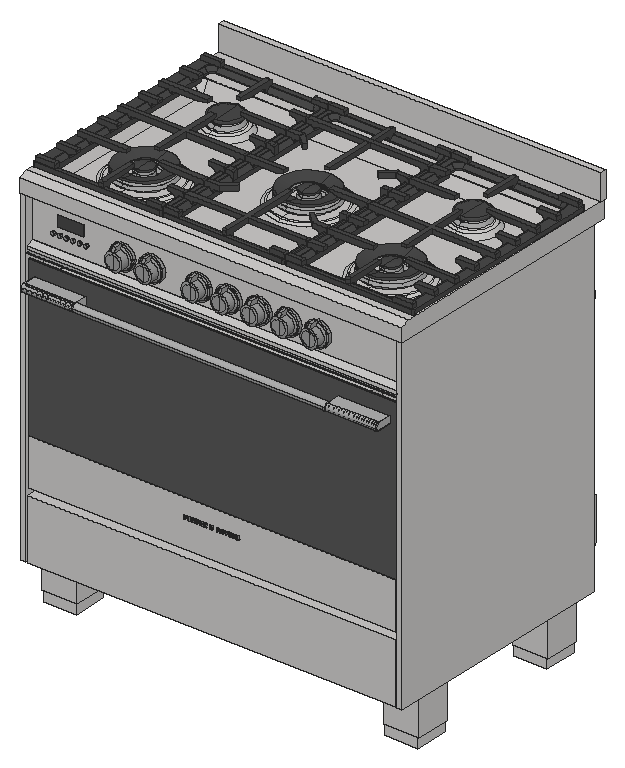
Revit family "FP_Revit_18_OR90SCG1X1_Range_90001025A", category Specialty Equipment, Revit 2018
Family settings
  Round Connector Dimension = Use Diameter
  Part Type = Normal
  OmniClass Number = 23.40.40.14.17.17
  OmniClass Title = Ranges
  Work Plane-Based = No
  Always vertical = Yes
  Cut with Voids When Loaded = Yes
  Shared = No
  Room Calculation Point = No
Parameters
  Visibility - Toe Kick Panel (Optional) = no
  Visibility - Rear Trim (Supplied) = yes
  Visibility - Clearance Required = yes
  Visibility - Adjustable Feet Covers = yes
  URL = "www.fisherpaykel.com"
  Product - Width = 897 mm  # constant formula
  Product - Height = 915 mm  # constant formula
  Product - Depth = 641.2 mm  # constant formula
  Optional - Toe Kick Panel = "KICKOR90X1"
  Model = "OR90SCG1X1"
  Material - Trim = Fisher & Paykel - Steel, Chrome Plated
  Material - Handle = Fisher & Paykel - Aluminium
  Material - Door Front = Fisher & Paykel - Stainless Steel
  Material - Buttons and Dials = Fisher & Paykel - Steel, Chrome Plated
  Material - Burners & Trivets = Fisher & Paykel - Black, Matte
  Material - Body = Fisher & Paykel - Stainless Steel
  Manufacturer = "Fisher & Paykel Appliances"
  Keynote = ""
  Description = "90cm Classic Freestanding Cooker (Stainless)"
  Countertop Height (min 908mm - max 933mm) = 915 mm
  Connector Description - Gas = "NG 1kPa, ULPG 2.75 kPa, Gas Connection to be Rp ½” (ISO 7-1) male"
  Connector Description - Electrical = "220-240 V, 50 Hz, 3 x 2.5mm^2,"
  Clearance - Side Non-Combustible = 0 mm  # constant formula
  Clearance - Side Combustible = 200 mm  # constant formula
  Clearance - Rear Non-Combustible = 0 mm  # constant formula
  Clearance - Rear Combustible = 0 mm  # constant formula
  Clearance - Overhead Rangehood = 650 mm  # constant formula
  Clearance - Overhead Non-Combustible = 450 mm  # constant formula
  Clearance - Overhead Combustible = 650 mm  # constant formula
  Chassis - Width = 897 mm  # constant formula
  Chassis - Height = 813.6 mm  # constant formula
  Chassis - Depth = 593.5 mm  # constant formula
  Cavity - Width = 900 mm  # constant formula
  Cavity - Height = 915 mm  # constant formula
  Cavity - Depth = 600 mm  # constant formula
Reference planes
  plane 1 "Datum": y = 0
  plane 2: z = 0
  plane 3 "Center (Left/Right)": x = 0
  plane 4 "Product Height": z = 923
  plane 5 "Product LHS": x = -448.5
  plane 6 "Product RHS": x = 448.5
  plane 7 "Cavity LHS": x = -450
  plane 8 "Cavity RHS": x = 450
  plane 9 "Product Depth": y = 600
  plane 10 "Cavity Depth": y = 600
  plane 11 "Dials": z = 820.4
  plane 12 "Countertop Height": z = 915
  plane 13 "Top of Burners": z = 957
Forms (mm)
  Extrusion 1, solid, material "Fisher & Paykel - Stainless Steel" <- "Material - Body"
    sketch origin (0, 0, 0) x (0, 1, 0) y (0, 0, 1)
      loop
        line (50.7, 883) -> (50.7, 109.4) -> (565, 109.4) -> (565, 883) -> (50.7, 883)
    from -435.7 to 435.7
  Extrusion 2, solid, material "Fisher & Paykel - Stainless Steel" <- "Material - Body"
    sketch origin (0, 0, 0) x (0, 1, 0) y (0, 0, 1)
      loop
        line (19, 883) -> (19, 782.4) -> (50.7, 782.4) -> (50.7, 883) -> (19, 883)
    from -435.7 to 435.7
  Extrusion 3, solid, material "Fisher & Paykel - Stainless Steel" <- "Material - Body"
    sketch origin (0, 0, 0) x (0, 1, 0) y (0, 0, 1)
      loop
        line (31.59, 250.4) -> (1.5, 250.4) -> (1.5, 109.4) -> (31.59, 109.4) -> (31.59, 250.4)
    from -432 to 432
  Extrusion 4, solid, material "Fisher & Paykel - Clearance Required", visible <- "Visibility - Clearance Required", detail levels coarse
    sketch origin (0, 0, 0) x (0, 1, 0) y (0, 0, 1)
      loop
        line (0, 266.1) -> (0, 747.098)
        arc (0, 747.098) -> (-340.117, 606.217) -> (-480.998, 266.1) r 480.998
        line (-480.998, 266.1) -> (0, 266.1)
    from -435.7 to 435.7
  Extrusion 5, solid, material "Fisher & Paykel - Clearance Required", visible <- "Visibility - Clearance Required", detail levels coarse
    sketch origin (0, 0, 0) x (0, 1, 0) y (0, 0, 1)
      loop
        line (600, 0) -> (600, 923) -> (0, 923) -> (0, 0) -> (600, 0)
    from -450 to 450
  Extrusion 6, solid, material "Fisher & Paykel - Clearance Required (Combustible)", visible <- "Visibility - Clearance Required", detail levels coarse
    sketch origin (0, 0, 0) x (1, 0, 0) y (0, 1, 0)
      loop
        line (-450, 0) -> (-450, 600) -> (-650, 600) -> (-650, 0) -> (-450, 0)
      loop
        line (450, 0) -> (650, 0) -> (650, 600) -> (450, 600) -> (450, 0)
    from 923 to 1407
  Extrusion 7, solid, material "Fisher & Paykel - Clearance Required (Combustible)", visible <- "Visibility - Clearance Required", detail levels coarse
    sketch origin (0, 0, 0) x (1, 0, 0) y (0, 1, 0)
      loop
        line (-450, 0) -> (450, 0) -> (450, 600) -> (-450, 600) -> (-450, 0)
    from 1607 to 1407
  Extrusion 8, solid, material "Fisher & Paykel - Clearance Required (Non-Combustible)", visible <- "Visibility - Clearance Required", detail levels coarse
    sketch origin (0, 0, 0) x (1, 0, 0) y (0, 1, 0)
      loop
        line (450, 600) -> (-450, 600) -> (-450, 0) -> (450, 0) -> (450, 600)
    from 923 to 1407
  Extrusion 9, solid, material "Fisher & Paykel - Stainless Steel" <- "Material - Body"
    sketch origin (0, 0, 0) x (0, 1, 0) y (0, 0, 1)
      loop
        line (0, 883) -> (0, 109.4) -> (565, 109.4) -> (565, 883) -> (0, 883)
    from 435.7 to 447.5
  Extrusion 10, solid, material "Fisher & Paykel - Stainless Steel" <- "Material - Body"
    sketch origin (0, 0, 0) x (0, 1, 0) y (0, 0, 1)
      loop
        line (0, 883) -> (0, 109.4) -> (565, 109.4) -> (565, 883) -> (0, 883)
    from -447.504 to -435.7
  Extrusion 11, solid, material "Fisher & Paykel - Stainless Steel" <- "Material - Body"
    sketch origin (0, 0, 0) x (0, 1, 0) y (0, 0, 1)
      loop
        line (50.7, 782.4) -> (19, 782.4) -> (2, 774.4) -> (2, 767.4) -> (50.7, 767.4) -> (50.7, 782.4)
    from -435.7 to 435.7
  Extrusion 12, solid, material "Fisher & Paykel - Steel, Chrome Plated" <- "Material - Trim", detail levels fine
    sketch origin (0, 0, 0) x (0, 1, 0) y (0, 0, 1)
      loop
        line (1.349, 762.4) -> (1.349, 760.4) -> (50.7, 760.4) -> (50.7, 762.4) -> (1.349, 762.4)
    from -435.7 to 435.7
  Extrusion 13, solid, material "Fisher & Paykel - Stainless Steel" <- "Material - Body"
    sketch origin (0, 0, 0) x (0, 1, 0) y (0, 0, 1)
      loop
        line (-1.5, 914.915) -> (-1.5, 883) -> (593.5, 883) -> (593.5, 923) -> (18.511, 923) -> (-1.5, 914.915)
    from -448.5 to 448.5
  Extrusion 14, solid, material "Fisher & Paykel - Stainless Steel" <- "Material - Body", visible <- "Visibility - Adjustable Feet Covers"
    sketch origin (0, 0, 0) x (1, 0, 0) y (0, 1, 0)
      loop
        line (-360.4, 137.7) -> (-442.5, 137.7) -> (-442.5, 55.7) -> (-360.4, 55.7) -> (-360.4, 137.7)
      loop
        line (-360.4, 516.7) -> (-442.482, 516.7) -> (-442.482, 434.7) -> (-360.4, 434.7) -> (-360.4, 516.7)
      loop
        line (360.4, 137.7) -> (360.4, 55.7) -> (442.5, 55.7) -> (442.5, 137.7) -> (360.4, 137.7)
      loop
        line (360.4, 516.7) -> (360.4, 434.7) -> (442.482, 434.7) -> (442.482, 516.7) -> (360.4, 516.7)
    from 23.7 to 109.4
  Extrusion 15, solid, material "Fisher & Paykel - Stainless Steel" <- "Material - Body", visible <- "Visibility - Adjustable Feet Covers"
    sketch origin (0, 0, 0) x (1, 0, 0) y (0, 1, 0)
      loop
        line (-362.4, 514.7) -> (-440.5, 514.7) -> (-440.5, 436.7) -> (-362.4, 436.7) -> (-362.4, 514.7)
      loop
        line (-362.4, 135.7) -> (-440.5, 135.7) -> (-440.5, 57.7) -> (-362.4, 57.7) -> (-362.4, 135.7)
      loop
        line (362.4, 514.7) -> (362.4, 436.7) -> (440.5, 436.7) -> (440.5, 514.7) -> (362.4, 514.7)
      loop
        line (362.4, 135.7) -> (362.4, 57.7) -> (440.5, 57.7) -> (440.5, 135.7) -> (362.4, 135.7)
    from 0 to 23.7
  Extrusion 16, solid, material "Fisher & Paykel - Stainless Steel" <- "Material - Body", visible <- "Visibility - Toe Kick Panel (Optional)"
    sketch origin (0, 0, 0) x (1, 0, 0) y (0, 1, 0)
      loop
        line (-442.5, 151.534) -> (-447.504, 151.534) -> (-447.504, 50.7) -> (447.35, 50.7) -> (447.35, 151.534) -> (442.5, 151.534) -> (442.5, 55.7) -> (-442.5, 55.7) -> (-442.5, 151.534)
    from 23.7 to 109.4
  Extrusion 17, solid, material "Fisher & Paykel - Stainless Steel" <- "Material - Door Front"
    sketch origin (0, 0, 0) x (0, 1, 0) y (0, 0, 1)
      loop
        line (7.845, 745.371) -> (7.845, 273.1) -> (43.8, 273.1) -> (43.8, 741.592) -> (7.845, 745.371)
    from -365 to 365
  Extrusion 18, void
    sketch origin (0, 0, 0) x (1, 0, 0) y (0, 1, 0)
      loop
        arc (-402.8, 492.791) -> (-416.942, 486.933) -> (-422.8, 472.791) r 20
        line (-422.8, 472.791) -> (-422.8, 66.2)
        arc (-422.8, 66.2) -> (-415.478, 48.522) -> (-397.8, 41.2) r 25
        line (-397.8, 41.2) -> (397.8, 41.2)
        arc (397.8, 41.2) -> (415.478, 48.522) -> (422.8, 66.2) r 25
        line (422.8, 66.2) -> (422.8, 466.59)
        arc (422.8, 466.59) -> (415.126, 485.117) -> (396.6, 492.791) r 26.2
        line (396.6, 492.791) -> (-402.8, 492.791)
    from 883 to 923
  Extrusion 19, solid, material "Fisher & Paykel - Stainless Steel" <- "Material - Body", not visible
    sketch origin (0, 0, 0) x (0, 1, 0) y (0, 0, 1)
      loop
        line (584, 983) -> (584, 923) -> (598.5, 923) -> (598.5, 983) -> (584, 983)
    from -448.5 to 448.5
  Revolve 20, solid, material "Fisher & Paykel - Stainless Steel" <- "Material - Body", detail levels fine
    sketch origin (-290.104, 3.75, 0) x (0, 1, 0) y (0, 0, 1)
      loop
        line (163, 893) -> (163, 897) -> (84.905, 897)
        arc (84.905, 897) -> (83.174, 896.81) -> (81.524, 896.25) r 8
        line (81.524, 896.25) -> (74.554, 893) -> (163, 893)
      axis (163, 893) -> (163, 897)
    angle from 0 to 360
  Revolve 21, solid, material "Fisher & Paykel - Stainless Steel" <- "Material - Body", detail levels fine
    sketch origin (-290.104, -6.25, 0) x (0, 1, 0) y (0, 0, 1)
      loop
        line (414.1, 907.049) -> (372.389, 907.049)
        arc (372.389, 907.049) -> (368.674, 906.135) -> (365.808, 903.599) r 8
        line (365.808, 903.599) -> (358.481, 893) -> (414.1, 893) -> (414.1, 907.049)
      axis (414.1, 893) -> (414.1, 907.049)
    angle from 0 to 360
  Extrusion 22, void
    sketch origin (0, 0, 0) x (1, 0, 0) y (0, 0, 1)
      loop
        line (351.8, 237) -> (-428.7, 237) -> (-428.7, 109.4) -> (428.7, 109.4) -> (428.7, 883) -> (351.8, 883) -> (351.8, 237)
    from -609.888 to -519.5
  Extrusion 23, solid, material "Fisher & Paykel - Stainless Steel" <- "Material - Body", detail levels medium+fine
    sketch origin (0, 0, 0) x (1, 0, 0) y (0, 1, 0)
      loop
        circle (-370, 550.5) r 6
    from 137 to 237
  Extrusion 24, solid, material "Fisher & Paykel - Stainless Steel"
    sketch origin (0, 0, 0) x (1, 0, 0) y (0, 0, 1)
      loop
        circle (-420.064, 912.06) r 4.009
      loop
        circle (-420.064, 912.06) r 7.491
      loop
        circle (420.064, 912.06) r 4.009
      loop
        circle (420.064, 912.06) r 7.491
    from -593.5 to -598.5
  Extrusion 25, solid, material "Fisher & Paykel - Stainless Steel" <- "Material - Body"
    sketch origin (0, 0, 0) x (1, 0, 0) y (0, 0, 1)
      loop
        line (-308.2, 367) -> (-428.7, 367) -> (-428.7, 237) -> (-308.2, 237) -> (-308.2, 367)
    from -587.5 to -565
  Extrusion 26, solid, material "Fisher & Paykel - Stainless Steel" <- "Material - Body"
    sketch origin (0, 0, 1000) x (1, 0, 0) y (0, 0, 1)
      loop
        line (227.779, -394.6) -> (-310.779, -394.6)
        arc (-310.779, -394.6) -> (-380.07, -440.899) -> (-363.812, -522.633) r 75
        line (-363.812, -522.633) -> (-237.954, -648.491)
        arc (-237.954, -648.491) -> (-220.111, -660.413) -> (-199.064, -664.6) r 55
        line (-199.064, -664.6) -> (116.064, -664.6)
        arc (116.064, -664.6) -> (137.111, -660.413) -> (154.954, -648.491) r 55
        line (154.954, -648.491) -> (280.812, -522.633)
        arc (280.812, -522.633) -> (297.07, -440.899) -> (227.779, -394.6) r 75
    from -578.5 to -565
  Revolve 27, solid, material "Fisher & Paykel - Stainless Steel" <- "Material - Body", detail levels fine
    sketch origin (290.104, 3.75, 0) x (0, 1, 0) y (0, 0, -1)
      loop
        line (163, -893) -> (74.554, -893) -> (81.524, -896.25)
        arc (81.524, -896.25) -> (83.174, -896.81) -> (84.905, -897) r 8
        line (84.905, -897) -> (163, -897) -> (163, -893)
      axis (163, -893) -> (163, -897)
    angle from 0 to 360
  Revolve 28, solid, material "Fisher & Paykel - Stainless Steel" <- "Material - Body", detail levels fine
    sketch origin (290.104, -6.25, 0) x (0, 1, 0) y (0, 0, -1)
      loop
        line (414.1, -907.049) -> (414.1, -893) -> (358.481, -893) -> (365.808, -903.599)
        arc (365.808, -903.599) -> (368.674, -906.135) -> (372.389, -907.049) r 8
        line (372.389, -907.049) -> (414.1, -907.049)
      axis (414.1, -893) -> (414.1, -907.049)
    angle from 0 to 360
  Revolve 29, solid, material "Fisher & Paykel - Stainless Steel" <- "Material - Body", detail levels fine
    sketch origin (0, 123.75, 0) x (0, 1, 0) y (0, 0, 1)
      loop
        line (163, 893) -> (163, 897) -> (84.905, 897)
        arc (84.905, 897) -> (83.174, 896.81) -> (81.524, 896.25) r 8
        line (81.524, 896.25) -> (74.554, 893) -> (163, 893)
      axis (163, 893) -> (163, 897)
    angle from 0 to 360
  Extrusion 30, solid, material "Fisher & Paykel - Stainless Steel" <- "Material - Body", detail levels medium+fine
    sketch origin (0, 0, 0) x (1, 0, 0) y (0, 0, 1)
      loop
        arc (159.044, 220.6) -> (155.509, 219.136) -> (154.044, 215.6) r 5
        line (154.044, 215.6) -> (154.044, 165.6)
        arc (154.044, 165.6) -> (155.509, 162.064) -> (159.044, 160.6) r 5
        line (159.044, 160.6) -> (208.84, 160.6)
        arc (208.84, 160.6) -> (212.375, 162.064) -> (213.84, 165.6) r 5
        line (213.84, 165.6) -> (213.84, 215.6)
        arc (213.84, 215.6) -> (212.375, 219.136) -> (208.84, 220.6) r 5
        line (208.84, 220.6) -> (159.044, 220.6)
    from -556.873 to -549.515
  Revolve 31, solid, material "Fisher & Paykel - Stainless Steel" <- "Material - Body", detail levels medium+fine
    sketch origin (0, 569.5, 0) x (1, 0, 0) y (0, 0, 1)
      loop
        line (145.68, 191.077) -> (245, 191.077) -> (245, 204.6) -> (232, 204.6) -> (232, 201.081) -> (222, 201.081) -> (222, 208.65) -> (210, 208.65) -> (210, 201.85) -> (157.68, 201.85) -> (157.68, 208.65) -> (145.68, 208.65) -> (145.68, 191.077)
      axis (145.68, 191.077) -> (245, 191.077)
    angle from 0 to 360
  Extrusion 32, solid, material "Fisher & Paykel - Stainless Steel" <- "Material - Body", detail levels medium+fine
    sketch origin (0, 0, 1000) x (1, 0, 0) y (0, 0, 1)
      loop
        circle (183.596, -809.4) r 26.954
    from -565.952 to -556.873
  Extrusion 33, solid, material "Fisher & Paykel - Stainless Steel" <- "Material - Body"
    sketch origin (0, 0, 0) x (1, 0, 0) y (0, 0, 1)
      loop
        circle (395, 716.093) r 34.119
    from -590 to -570.221
  Extrusion 34, solid, material "Fisher & Paykel - Stainless Steel" <- "Material - Body"
    sketch origin (0, 0, 0) x (1, 0, 0) y (0, 0, 1)
      loop
        circle (395, 716.093) r 10
    from -598 to -590
  Revolve 35, solid, material "Fisher & Paykel - Stainless Steel" <- "Material - Body", detail levels medium+fine
    sketch origin (0, 569.346, 0) x (1, 0, 0) y (0, 0, 1)
      loop
        line (395, 758.6) -> (395, 673.6) -> (413.153, 673.6) -> (413.153, 693.6) -> (406.654, 693.6) -> (406.654, 738.6) -> (413.153, 738.6) -> (413.153, 758.6) -> (395, 758.6)
      axis (395, 758.6) -> (395, 673.6)
    angle from 0 to 360
  Sweep 36, solid, material "Fisher & Paykel - Stainless Steel" <- "Material - Body"
    path origin (395, 0, 0) x (0, 1, 0) y (0, 0, 1)
      loop
        line (569.499, 218.575) -> (569.499, 839.583)
        arc (569.499, 839.583) -> (562.465, 856.566) -> (545.482, 863.6) r 24.017
        line (545.482, 863.6) -> (519.5, 863.6)
    profile origin (395, 532.491, 863.6) x (0, 0, -1) y (1, 0, 0)
      loop
        circle (0, 0) r 8
  Sweep 37, solid, material "Fisher & Paykel - Stainless Steel" <- "Material - Body", detail levels medium+fine
    path origin (0, 569.5, 0) x (1, 0, 0) y (0, 0, 1)
      loop
        line (245, 191.077) -> (367.503, 191.077)
        arc (367.503, 191.077) -> (386.946, 199.131) -> (395, 218.575) r 27.497
    profile origin (306.252, 569.5, 191.077) x (0, 0, 1) y (0, -1, 0)
      loop
        circle (0, 0) r 8
  Sweep 38, solid, material "Fisher & Paykel - Stainless Steel" <- "Material - Body", detail levels medium+fine
    path in 3D
      loop
        arc (396.6, 492.791, 923) -> (415.126, 485.117, 923) -> (422.8, 466.59, 923) r 26.2
        line (422.8, 466.59, 923) -> (422.8, 66.2, 923)
        arc (422.8, 66.2, 923) -> (415.478, 48.522, 923) -> (397.8, 41.2, 923) r 25
        line (397.8, 41.2, 923) -> (-397.8, 41.2, 923)
        arc (-397.8, 41.2, 923) -> (-415.478, 48.522, 923) -> (-422.8, 66.2, 923) r 25
        line (-422.8, 66.2, 923) -> (-422.8, 472.791, 923)
        arc (-422.8, 472.791, 923) -> (-416.942, 486.933, 923) -> (-402.8, 492.791, 923) r 20
        line (-402.8, 492.791, 923) -> (396.6, 492.791, 923)
    profile origin (-3.1, 492.791, 923) x (0, 1, 0) y (0, 0, 1)
      loop
        line (0, 0) -> (-17.321, -30) -> (0, -30) -> (0, 0)
  Extrusion 39, solid, material "Fisher & Paykel - Stainless Steel" <- "Material - Body"
    sketch origin (0, 0, 0) x (1, 0, 0) y (0, 1, 0)
      loop
        circle (-401.482, 475.7) r 25
      loop
        circle (-401.5, 96.7) r 25
      loop
        circle (401.482, 475.7) r 25
      loop
        circle (401.5, 96.7) r 25
    from 0 to 109.4
  Extrusion 40, solid, material "Fisher & Paykel - Stainless Steel" <- "Material - Door Front"
    sketch origin (0, 0, 0) x (0, 1, 0) y (0, 0, 1)
      loop
        line (2.8, 265.5) -> (3.8, 265.5) -> (3.8, 376.471) -> (2.8, 376.471) -> (2.8, 265.5)
    from -432 to 432
  Extrusion 41, solid, material "Fisher & Paykel - Stainless Steel" <- "Material - Body", visible <- "Visibility - Rear Trim (Supplied)"
    sketch origin (0, 0, 0) x (0, 1, 0) y (0, 0, 1)
      loop
        line (584, 983) -> (584, 923) -> (598.5, 923) -> (598.5, 983) -> (584, 983)
    from -448.5 to 448.5
  Extrusion 42, solid, material "Fisher & Paykel - Glass, Black"
    sketch origin (0, 0, 0) x (0, 1, 0) y (0, 0, 1)
      loop
        line (3.8, 747.7) -> (3.8, 265.5) -> (7.845, 265.5) -> (7.845, 747.7) -> (3.8, 747.7)
    from -432 to 432
  Extrusion 43, void
    sketch origin (0, 0, 0) x (0, 1, 0) y (0, 0, 1)
      loop
        line (600, 0) -> (600, 923) -> (-39.5, 923) -> (-39.5, 0) -> (600, 0)
    from -450 to 450
  Extrusion 44, solid, material "Fisher & Paykel - Black", detail levels fine
    sketch origin (0, 0, 0) x (1, 0, 0) y (0, 0, 1)
      loop
        line (-374.803, 853.532) -> (-374.803, 828.532) -> (-314.803, 828.532) -> (-314.803, 853.532) -> (-374.803, 853.532)
    from -19 to -18.02
  Extrusion 45, solid, material "Fisher & Paykel - Steel, Chrome Plated" <- "Material - Buttons and Dials", detail levels fine
    sketch origin (0, 0, 0) x (1, 0, 0) y (0, 0, 1)
      loop
        circle (-383.498, 813.532) r 4.062
      loop
        circle (-368.02, 813.532) r 4.062
      loop
        circle (-352.542, 813.532) r 4.062
      loop
        circle (-337.064, 813.532) r 4.062
      loop
        circle (-321.586, 813.532) r 4.062
      loop
        circle (-306.109, 813.532) r 4.062
    from -17 to -14
  Revolve 46, solid, material "Fisher & Paykel - Stainless Steel" <- "Material - Body", not visible, detail levels fine
    sketch origin (-290.104, 2003.75, 0) x (0, 1, 0) y (0, 0, 1)
      loop
        line (163, 893) -> (163, 897) -> (84.905, 897)
        arc (84.905, 897) -> (83.174, 896.81) -> (81.524, 896.25) r 8
        line (81.524, 896.25) -> (74.554, 893) -> (163, 893)
      axis (163, 893) -> (163, 897)
    angle from 0 to 360
  Revolve 47, solid, material "Fisher & Paykel - Stainless Steel" <- "Material - Body", not visible, detail levels fine
    sketch origin (-290.104, 1993.75, 0) x (0, 1, 0) y (0, 0, 1)
      loop
        line (414.1, 907.049) -> (372.389, 907.049)
        arc (372.389, 907.049) -> (368.674, 906.135) -> (365.808, 903.599) r 8
        line (365.808, 903.599) -> (358.481, 893) -> (414.1, 893) -> (414.1, 907.049)
      axis (414.1, 893) -> (414.1, 907.049)
    angle from 0 to 360
  Revolve 48, solid, material "Fisher & Paykel - Stainless Steel" <- "Material - Body", not visible, detail levels fine
    sketch origin (290.104, 2003.75, 0) x (0, 1, 0) y (0, 0, -1)
      loop
        line (163, -893) -> (74.554, -893) -> (81.524, -896.25)
        arc (81.524, -896.25) -> (83.174, -896.81) -> (84.905, -897) r 8
        line (84.905, -897) -> (163, -897) -> (163, -893)
      axis (163, -893) -> (163, -897)
    angle from 0 to 360
  Revolve 49, solid, material "Fisher & Paykel - Stainless Steel" <- "Material - Body", not visible, detail levels fine
    sketch origin (290.104, 1993.75, 0) x (0, 1, 0) y (0, 0, -1)
      loop
        line (414.1, -907.049) -> (414.1, -893) -> (358.481, -893) -> (365.808, -903.599)
        arc (365.808, -903.599) -> (368.674, -906.135) -> (372.389, -907.049) r 8
        line (372.389, -907.049) -> (414.1, -907.049)
      axis (414.1, -893) -> (414.1, -907.049)
    angle from 0 to 360
  Revolve 50, solid, material "Fisher & Paykel - Stainless Steel" <- "Material - Body", not visible, detail levels fine
    sketch origin (0, 2123.75, 0) x (0, 1, 0) y (0, 0, 1)
      loop
        line (163, 893) -> (163, 897) -> (84.905, 897)
        arc (84.905, 897) -> (83.174, 896.81) -> (81.524, 896.25) r 8
        line (81.524, 896.25) -> (74.554, 893) -> (163, 893)
      axis (163, 893) -> (163, 897)
    angle from 0 to 360
Cuts and joins
  Extrusion 18, Extrusion 22 cuts Extrusion 1
  Extrusion 18 cuts Extrusion 5
  Extrusion 18 cuts Extrusion 14
  Extrusion 18 cuts Extrusion 15
  Extrusion 18 cuts Extrusion 16
  Extrusion 18 cuts Extrusion 13
Lines and regions (mm)
  sketch lines
    curve 1: line (-402.8, 492.791, 923) -> (396.6, 492.791, 923)
    curve 2: arc (-402.8, 492.791, 923) -> (-416.942, 486.933, 923) -> (-422.8, 472.791, 923) r 20
    curve 3: line (-422.8, 66.2, 923) -> (-422.8, 472.791, 923)
    curve 4: arc (-422.8, 66.2, 923) -> (-415.478, 48.522, 923) -> (-397.8, 41.2, 923) r 25
    curve 5: line (397.8, 41.2, 923) -> (-397.8, 41.2, 923)
    curve 6: arc (397.8, 41.2, 923) -> (415.478, 48.522, 923) -> (422.8, 66.2, 923) r 25
    curve 7: line (422.8, 466.59, 923) -> (422.8, 66.2, 923)
    curve 8: arc (422.8, 466.59, 923) -> (415.126, 485.117, 923) -> (396.6, 492.791, 923) r 26.2
Text (mm)
  text "Due to ongoing product development, product details are subject to change without notice. \nPlease always refer to www.fisherpaykel.com for the most current product information. \n© Fisher & Paykel 2020" at (41.04, -544.815, 0), in view "Ref. Level (Plan)"
Dimensions and locks
  equal spacing: plane 5 "Product LHS", plane 3 "Center (Left/Right)", plane 6 "Product RHS"
  "Product - Width": plane 5 "Product LHS" to plane 6 "Product RHS"
  equal spacing: plane 7 "Cavity LHS", plane 3 "Center (Left/Right)", plane 8 "Cavity RHS"
  "Cavity - Width": plane 7 "Cavity LHS" to plane 8 "Cavity RHS"
  locked: plane 4 "Product Height" to nested 1 at 592.51
  "Clearance - Side Combustible": Extrusion 6 sketch curve to Extrusion 5
  "Clearance - Side Combustible": Extrusion 5 to Extrusion 6 sketch curve
  Extrusion 6 to plane 4 "Product Height" = 484 mm
  Extrusion 7 to plane 4 "Product Height" = 484 mm
  Extrusion 8 to plane 4 "Product Height" = 484 mm
  "Clearance - Side Combustible": Extrusion 8 to Extrusion 6
  "Clearance - Side Combustible": Extrusion 6 to Extrusion 8
  locked: plane 4 "Product Height" to Extrusion 9 at 40
  plane 5 "Product LHS" to Extrusion 14 sketch curve = 88.1 mm
  locked: plane 4 "Product Height" to Extrusion 9 at 813.6  (x2)
  equal spacing: cut or joined group of Extrusion 13, Extrusion 18, plane 3 "Center (Left/Right)", cut or joined group of Extrusion 13, Extrusion 18
  locked: Extrusion 6 to plane 11 "Dials" at 102.6
  Extrusion 6 to nested 2 = 18.8 mm
  plane 4 "Product Height" to Extrusion 12 = 160.6 mm
  locked: plane 4 "Product Height" to plane 11 "Dials" at 102.6
  locked: Extrusion 17 to plane 4 "Product Height" at 649.9
  cut or joined group of Extrusion 1, Extrusion 18, Extrusion 22 to plane 11 "Dials" = 711 mm
  cut or joined group of Extrusion 1, Extrusion 18, Extrusion 22 to cut or joined group of Extrusion 1, Extrusion 18, Extrusion 22 = 127.6 mm
  locked: plane 4 "Product Height" to nested 2 at 22.879
  locked: plane 4 "Product Height" to nested 3 at 13
  locked: cut or joined group of Extrusion 16, Extrusion 18 to Extrusion 9 at 85.7
  locked: cut or joined group of Extrusion 14, Extrusion 18 to Extrusion 9 at 85.7
  locked: cut or joined group of Extrusion 1, Extrusion 18, Extrusion 22 to Extrusion 9 at 127.6
  locked: Revolve 35 to plane 4 "Product Height" at 249.4
  locked: plane 4 "Product Height" to Sweep 38 at 30  (x2)
  locked: plane 4 "Product Height" to Extrusion 11 at 155.6
  Extrusion 3 sketch curve to Extrusion 3 sketch curve = 141 mm
  locked: Extrusion 25 to plane 4 "Product Height" at 556
  locked: Extrusion 23 to cut or joined group of Extrusion 1, Extrusion 18, Extrusion 22 at 100
  locked: Sweep 36 sketch curve to Extrusion 6 at 704.425
  locked: cut or joined group of Extrusion 14, Extrusion 18 to Extrusion 10 at 85.7
  locked: Extrusion 26 sketch curve to plane 4 "Product Height" at 317.6
  locked: cut or joined group of Extrusion 1, Extrusion 18, Extrusion 22 to plane 4 "Product Height" at 686
  locked: Revolve 31 sketch curve to plane 4 "Product Height" at 731.923
  locked: Extrusion 30 sketch curve to Extrusion 30 sketch curve at 60
  locked: Extrusion 30 sketch curve to plane 4 "Product Height" at 762.4
  locked: Extrusion 32 sketch curve to plane 4 "Product Height" at 732.4
  locked: Extrusion 6 to cut or joined group of Extrusion 14, Extrusion 18 at 813.6
  locked: Extrusion 23 to Extrusion 9 at 127.6
  locked: plane 4 "Product Height" to Extrusion 4 at 656.9
  locked: plane 12 "Countertop Height" to plane 4 "Product Height" at 8
  locked: Sweep 38 to plane 4 "Product Height" at 30
  "Countertop Height (min 908mm - max 933mm)": level to plane 12 "Countertop Height"
  locked: plane 4 "Product Height" to cut or joined group of Extrusion 5, Extrusion 18 at 40
  locked: Extrusion 30 to plane 4 "Product Height" at 702.4
  locked: Sweep 37 sketch curve to Sweep 36 at 27.497
  locked: Extrusion 3 to plane 4 "Product Height" at 813.6
  locked: plane 4 "Product Height" to Extrusion 3 at 672.6
  locked: plane 4 "Product Height" to Extrusion 40 at 546.529
  locked: plane 13 "Top of Burners" to plane 4 "Product Height" at 34
  "Clearance - Overhead Non-Combustible": Extrusion 6 to plane 13 "Top of Burners"
  "Clearance - Overhead Combustible": Extrusion 7 to plane 13 "Top of Burners"
  locked: plane 4 "Product Height" to nested 18 at 740.6
  locked: plane 4 "Product Height" to Extrusion 42 at 175.3
  locked: Extrusion 42 to plane 4 "Product Height" at 657.5
  locked: nested 15 to plane 4 "Product Height" at 22.3
  "Cavity - Depth": plane 1 "Datum" to plane 10 "Cavity Depth"
  "Chassis - Depth": cut or joined group of Extrusion 13, Extrusion 18 to Extrusion 6
  aligned and locked: level to plane 2
  aligned and locked: Extrusion 5 sketch curve to plane 4 "Product Height"
  aligned and locked: Extrusion 5 to plane 8 "Cavity RHS"
  aligned and locked: Extrusion 5 to plane 7 "Cavity LHS"
  aligned and locked: Extrusion 6 sketch curve to plane 8 "Cavity RHS"
  aligned and locked: Extrusion 6 sketch curve to plane 7 "Cavity LHS"
  aligned and locked: Extrusion 5 to Extrusion 7 sketch curve
  aligned and locked: Extrusion 8 sketch curve to Extrusion 5
  aligned and locked: Extrusion 5 to Extrusion 8 sketch curve
  aligned and locked: cut or joined group of Extrusion 1, Extrusion 18, Extrusion 22 to Extrusion 2  (x2)
  aligned and locked: Extrusion 9 sketch curve to plane 1 "Datum"
  aligned and locked: Extrusion 2 to Extrusion 11
  aligned and locked: Extrusion 2 to Extrusion 12
  aligned and locked: Extrusion 11 to Extrusion 2
  aligned and locked: Extrusion 12 to Extrusion 2
  aligned and locked: Extrusion 15 to level
  aligned and locked: Extrusion 15 to Extrusion 14
  aligned and locked: Extrusion 16 sketch curve to Extrusion 14
  aligned and locked: Extrusion 16 sketch curve to Extrusion 2
  aligned and locked: plane 4 "Product Height" to Extrusion 18
  aligned and locked: Extrusion 19 to plane 6 "Product RHS"
  aligned and locked: plane 5 "Product LHS" to Extrusion 19
  aligned and locked: Extrusion 16 to cut or joined group of Extrusion 14, Extrusion 18
  aligned and locked: plane 10 "Cavity Depth" to Extrusion 7
  aligned and locked: Extrusion 6 sketch curve to plane 10 "Cavity Depth"
  aligned and locked: Extrusion 13 to plane 5 "Product LHS"
  aligned and locked: Extrusion 13 to plane 6 "Product RHS"
  aligned and locked: Extrusion 10 to cut or joined group of Extrusion 1, Extrusion 18, Extrusion 22
  aligned and locked: Extrusion 39 to cut or joined group of Extrusion 1, Extrusion 18, Extrusion 22
  aligned and locked: Extrusion 8 to plane 4 "Product Height"
  aligned and locked: Extrusion 7 to Extrusion 8
  aligned and locked: Sweep 37 sketch curve to Sweep 36
  aligned and locked: Extrusion 16 to cut or joined group of Extrusion 1, Extrusion 18, Extrusion 22
  aligned and locked: Extrusion 41 to plane 6 "Product RHS"
  aligned and locked: Extrusion 1 to Extrusion 22
Automatic sketch dimensions
  Revolve 20 sketch curve to Revolve 20 sketch curve = 6.971 mm
  Revolve 20 sketch curve to Revolve 20 sketch curve = 3.381 mm
  Revolve 20 sketch curve to Revolve 20 sketch curve = 78.095 mm
  Revolve 20 sketch curve to Revolve 20 sketch curve = 7.25 mm
  Revolve 20 sketch curve to Revolve 20 sketch curve = 0 mm  (x2)
  Revolve 21 sketch curve to Revolve 21 sketch curve = 7.328 mm
  Revolve 21 sketch curve to Revolve 21 sketch curve = 6.58 mm
  Revolve 21 sketch curve to Revolve 21 sketch curve = 41.711 mm
  Revolve 21 sketch curve to Revolve 21 sketch curve = 0 mm
  Revolve 21 sketch curve to Revolve 21 sketch curve = 3.451 mm
  Revolve 27 sketch curve to Revolve 27 sketch curve = 6.971 mm
  Revolve 27 sketch curve to Revolve 27 sketch curve = 3.381 mm
  Revolve 27 sketch curve to Revolve 27 sketch curve = 78.095 mm
  Revolve 27 sketch curve to Revolve 27 sketch curve = 4 mm
  Revolve 27 sketch curve to Revolve 27 sketch curve = 0 mm  (x2)
  Revolve 28 sketch curve to Revolve 28 sketch curve = 7.328 mm
  Revolve 28 sketch curve to Revolve 28 sketch curve = 6.58 mm
  Revolve 28 sketch curve to Revolve 28 sketch curve = 41.711 mm
  Revolve 28 sketch curve to Revolve 28 sketch curve = 0 mm
  Revolve 28 sketch curve to Revolve 28 sketch curve = 3.451 mm  (x2)
  Revolve 29 sketch curve to Revolve 29 sketch curve = 6.971 mm
  Revolve 29 sketch curve to Revolve 29 sketch curve = 3.381 mm
  Revolve 29 sketch curve to Revolve 29 sketch curve = 78.095 mm
  Revolve 29 sketch curve to Revolve 29 sketch curve = 7.25 mm
  Revolve 29 sketch curve to Revolve 29 sketch curve = 0 mm  (x2)
  Revolve 20 sketch curve to Revolve 20 sketch curve = 3.25 mm
  Revolve 20 sketch curve to Revolve 20 sketch curve = 11 mm
  Revolve 21 sketch curve to Revolve 21 sketch curve = 6.05 mm
  Revolve 21 sketch curve to Revolve 21 sketch curve = 4.549 mm
  Revolve 21 sketch curve to Revolve 21 sketch curve = 26.143 mm
  Revolve 27 sketch curve to Revolve 27 sketch curve = 0.75 mm
  Revolve 27 sketch curve to Revolve 27 sketch curve = 11 mm
  Revolve 28 sketch curve to Revolve 28 sketch curve = 14.05 mm
  Revolve 28 sketch curve to Revolve 28 sketch curve = 26.143 mm
  Revolve 29 sketch curve to Revolve 29 sketch curve = 3.25 mm
  Revolve 29 sketch curve to Revolve 29 sketch curve = 11 mm
  Extrusion 1 sketch curve to plane 1 "Datum" = 50.7 mm
  plane 9 "Product Depth" to Extrusion 1 sketch curve = 35 mm
  level to Extrusion 1 sketch curve = 109.4 mm
  plane 12 "Countertop Height" to Extrusion 1 sketch curve = 32 mm
  Extrusion 2 sketch curve to plane 1 "Datum" = 19 mm
  Extrusion 2 sketch curve to Extrusion 2 sketch curve = 31.7 mm
  plane 11 "Dials" to Extrusion 2 sketch curve = 38 mm
  plane 12 "Countertop Height" to Extrusion 2 sketch curve = 32 mm
  Extrusion 3 sketch curve to plane 1 "Datum" = 1.5 mm
  Extrusion 3 sketch curve to Extrusion 3 sketch curve = 30.09 mm
  level to Extrusion 3 sketch curve = 109.4 mm
  Extrusion 4 sketch curve to plane 1 "Datum" = 0 mm
  Extrusion 4 sketch curve to Extrusion 4 sketch curve = 480.998 mm
  level to Extrusion 4 sketch curve = 266.1 mm
  Extrusion 5 sketch curve to level = 0 mm
  Extrusion 5 sketch curve to plane 1 "Datum" = 0 mm
  Extrusion 5 sketch curve to plane 9 "Product Depth" = 0 mm
  Extrusion 7 sketch curve to plane 8 "Cavity RHS" = 0 mm
  plane 1 "Datum" to Extrusion 7 sketch curve = 0 mm
  plane 9 "Product Depth" to Extrusion 7 sketch curve = 0 mm
  Extrusion 8 sketch curve to plane 7 "Cavity LHS" = 0 mm
  plane 1 "Datum" to Extrusion 8 sketch curve = 0 mm
  plane 9 "Product Depth" to Extrusion 9 sketch curve = 35 mm
  level to Extrusion 9 sketch curve = 109.4 mm
  plane 12 "Countertop Height" to Extrusion 9 sketch curve = 32 mm
  Extrusion 10 sketch curve to plane 1 "Datum" = 0 mm
  plane 9 "Product Depth" to Extrusion 10 sketch curve = 35 mm
  level to Extrusion 10 sketch curve = 109.4 mm
  plane 12 "Countertop Height" to Extrusion 10 sketch curve = 32 mm
  Extrusion 11 sketch curve to plane 1 "Datum" = 2 mm
  Extrusion 11 sketch curve to Extrusion 11 sketch curve = 17 mm
  Extrusion 11 sketch curve to Extrusion 11 sketch curve = 31.7 mm
  plane 11 "Dials" to Extrusion 11 sketch curve = 53 mm
  Extrusion 11 sketch curve to Extrusion 11 sketch curve = 7 mm
  Extrusion 11 sketch curve to Extrusion 11 sketch curve = 15 mm
  Extrusion 12 sketch curve to plane 1 "Datum" = 1.349 mm
  Extrusion 12 sketch curve to Extrusion 12 sketch curve = 49.351 mm
  plane 11 "Dials" to Extrusion 12 sketch curve = 60 mm
  Extrusion 12 sketch curve to Extrusion 12 sketch curve = 2 mm
  Extrusion 13 sketch curve to plane 4 "Product Height" = 0 mm
  plane 1 "Datum" to Extrusion 13 sketch curve = 1.5 mm
  Extrusion 13 sketch curve to plane 1 "Datum" = 18.511 mm
  plane 9 "Product Depth" to Extrusion 13 sketch curve = 6.5 mm
  plane 12 "Countertop Height" to Extrusion 13 sketch curve = 0.085 mm
  plane 12 "Countertop Height" to Extrusion 13 sketch curve = 32 mm
  Extrusion 14 sketch curve to plane 5 "Product LHS" = 6.018 mm
  Extrusion 14 sketch curve to plane 5 "Product LHS" = 6 mm
  Extrusion 14 sketch curve to Extrusion 14 sketch curve = 82.081 mm
  plane 6 "Product RHS" to Extrusion 14 sketch curve = 88.1 mm  (x2)
  plane 6 "Product RHS" to Extrusion 14 sketch curve = 6.018 mm
  plane 6 "Product RHS" to Extrusion 14 sketch curve = 6 mm
  Extrusion 14 sketch curve to plane 1 "Datum" = 55.7 mm  (x2)
  Extrusion 14 sketch curve to Extrusion 14 sketch curve = 82 mm  (x4)
  plane 9 "Product Depth" to Extrusion 14 sketch curve = 165.3 mm  (x2)
  Extrusion 15 sketch curve to plane 5 "Product LHS" = 8 mm  (x2)
  Extrusion 15 sketch curve to Extrusion 15 sketch curve = 78.1 mm  (x2)
  plane 6 "Product RHS" to Extrusion 15 sketch curve = 86.1 mm  (x2)
  plane 6 "Product RHS" to Extrusion 15 sketch curve = 8 mm  (x2)
  Extrusion 15 sketch curve to plane 1 "Datum" = 57.7 mm  (x2)
  Extrusion 15 sketch curve to Extrusion 15 sketch curve = 78 mm  (x4)
  plane 9 "Product Depth" to Extrusion 15 sketch curve = 163.3 mm  (x2)
  Extrusion 16 sketch curve to plane 5 "Product LHS" = 0.996 mm
  Extrusion 16 sketch curve to Extrusion 16 sketch curve = 5.004 mm
  plane 6 "Product RHS" to Extrusion 16 sketch curve = 6 mm
  plane 6 "Product RHS" to Extrusion 16 sketch curve = 1.15 mm
  Extrusion 16 sketch curve to Extrusion 16 sketch curve = 95.834 mm  (x2)
  Extrusion 17 sketch curve to plane 1 "Datum" = 7.845 mm
  Extrusion 17 sketch curve to Extrusion 17 sketch curve = 35.955 mm
  level to Extrusion 17 sketch curve = 273.1 mm
  plane 11 "Dials" to Extrusion 17 sketch curve = 78.808 mm
  Extrusion 17 sketch curve to Extrusion 17 sketch curve = 3.779 mm
  Extrusion 18 sketch curve to plane 5 "Product LHS" = 25.7 mm
  Extrusion 18 sketch curve to Extrusion 18 sketch curve = 20 mm
  Extrusion 18 sketch curve to Extrusion 18 sketch curve = 25 mm
  plane 6 "Product RHS" to Extrusion 18 sketch curve = 51.9 mm
  plane 6 "Product RHS" to Extrusion 18 sketch curve = 50.7 mm
  plane 6 "Product RHS" to Extrusion 18 sketch curve = 25.7 mm
  Extrusion 18 sketch curve to plane 1 "Datum" = 41.2 mm
  plane 9 "Product Depth" to Extrusion 18 sketch curve = 133.41 mm
  Extrusion 19 sketch curve to plane 4 "Product Height" = 0 mm
  plane 9 "Product Depth" to Extrusion 19 sketch curve = 16 mm
  plane 9 "Product Depth" to Extrusion 19 sketch curve = 1.5 mm
  plane 13 "Top of Burners" to Extrusion 19 sketch curve = 26 mm
  Extrusion 22 sketch curve to plane 5 "Product LHS" = 19.8 mm
  plane 6 "Product RHS" to Extrusion 22 sketch curve = 96.7 mm
  plane 6 "Product RHS" to Extrusion 22 sketch curve = 19.8 mm
  level to Extrusion 22 sketch curve = 109.4 mm
  Extrusion 22 sketch curve to Extrusion 22 sketch curve = 127.6 mm
  plane 12 "Countertop Height" to Extrusion 22 sketch curve = 32 mm
  Extrusion 23 sketch curve to plane 5 "Product LHS" = 78.5 mm
  plane 9 "Product Depth" to Extrusion 23 sketch curve = 49.5 mm
  Extrusion 24 sketch curve to Extrusion 24 sketch curve = 0 mm  (x4)
  plane 12 "Countertop Height" to Extrusion 24 sketch curve = 2.94 mm  (x2)
  Extrusion 24 sketch curve to plane 5 "Product LHS" = 28.436 mm
  plane 6 "Product RHS" to Extrusion 24 sketch curve = 28.436 mm
  Extrusion 25 sketch curve to plane 5 "Product LHS" = 19.8 mm
  Extrusion 25 sketch curve to Extrusion 25 sketch curve = 120.5 mm
  level to Extrusion 25 sketch curve = 237 mm
  Extrusion 25 sketch curve to Extrusion 25 sketch curve = 130 mm
  Extrusion 26 sketch curve to plane 5 "Product LHS" = 84.688 mm
  Extrusion 26 sketch curve to plane 5 "Product LHS" = 137.721 mm
  Extrusion 26 sketch curve to Extrusion 26 sketch curve = 125.858 mm
  Extrusion 26 sketch curve to Extrusion 26 sketch curve = 38.891 mm  (x3)
  plane 3 "Center (Left/Right)" to Extrusion 26 sketch curve = 116.064 mm
  Extrusion 26 sketch curve to Extrusion 26 sketch curve = 111.716 mm
  Extrusion 26 sketch curve to Extrusion 26 sketch curve = 53.033 mm
  Extrusion 26 sketch curve to Extrusion 26 sketch curve = 75 mm  (x2)
  Extrusion 26 sketch curve to Extrusion 26 sketch curve = 140 mm  (x2)
  plane 3 "Center (Left/Right)" to Extrusion 30 sketch curve = 154.044 mm
  Extrusion 30 sketch curve to Extrusion 30 sketch curve = 5 mm  (x3)
  Extrusion 30 sketch curve to Extrusion 30 sketch curve = 49.796 mm  (x2)
  plane 3 "Center (Left/Right)" to Revolve 31 sketch curve = 145.68 mm
  Revolve 31 sketch curve to Revolve 31 sketch curve = 12 mm  (x2)
  Revolve 31 sketch curve to Revolve 31 sketch curve = 52.32 mm
  Revolve 31 sketch curve to Revolve 31 sketch curve = 10 mm
  Revolve 31 sketch curve to Revolve 31 sketch curve = 13 mm
  Revolve 31 sketch curve to Revolve 31 sketch curve = 10.004 mm
  Revolve 31 sketch curve to Revolve 31 sketch curve = 10.773 mm
  Revolve 31 sketch curve to Revolve 31 sketch curve = 3.519 mm
  Revolve 31 sketch curve to Revolve 31 sketch curve = 6.8 mm  (x2)
  Revolve 31 sketch curve to Revolve 31 sketch curve = 0 mm  (x2)
  Revolve 31 sketch curve to Revolve 31 sketch curve = 8.859 mm
  plane 3 "Center (Left/Right)" to Extrusion 32 sketch curve = 183.596 mm
  plane 6 "Product RHS" to Extrusion 33 sketch curve = 53.5 mm
  plane 11 "Dials" to Extrusion 33 sketch curve = 104.307 mm
  plane 6 "Product RHS" to Extrusion 34 sketch curve = 53.5 mm
  plane 11 "Dials" to Extrusion 34 sketch curve = 104.307 mm
  plane 6 "Product RHS" to Revolve 35 sketch curve = 53.5 mm
  Revolve 35 sketch curve to Revolve 35 sketch curve = 11.654 mm
  Revolve 35 sketch curve to Revolve 35 sketch curve = 18.153 mm  (x2)
  plane 11 "Dials" to Revolve 35 sketch curve = 146.8 mm
  Revolve 35 sketch curve to Revolve 35 sketch curve = 20 mm  (x2)
  Revolve 35 sketch curve to Revolve 35 sketch curve = 45 mm
  Revolve 35 sketch curve to Revolve 35 sketch curve = 0 mm  (x2)
  Revolve 35 sketch curve to Revolve 35 sketch curve = 6.624 mm
  Sweep 36 sketch curve to plane 11 "Dials" = 19.183 mm
  plane 9 "Product Depth" to Sweep 36 sketch curve = 54.518 mm
  Sweep 36 sketch curve to Sweep 36 sketch curve = 24.017 mm
  Sweep 36 sketch curve to Sweep 36 sketch curve = 25.982 mm
  Sweep 36 sketch curve to profile plane = 0 mm  (x2)
  plane 6 "Product RHS" to Sweep 37 sketch curve = 80.997 mm
  Sweep 37 sketch curve to Sweep 37 sketch curve = 122.503 mm
  profile plane to Sweep 37 sketch curve = 0 mm
  Sweep 37 sketch curve to profile plane = 0 mm
  Sweep 38 sketch curve to profile plane = 0 mm  (x2)
  Sweep 38 sketch curve to Sweep 38 sketch curve = 17.321 mm
  Sweep 38 sketch curve to profile plane = 30 mm
  Extrusion 39 sketch curve to plane 5 "Product LHS" = 47 mm
  Extrusion 39 sketch curve to plane 5 "Product LHS" = 47.018 mm
  plane 6 "Product RHS" to Extrusion 39 sketch curve = 47.018 mm
  plane 6 "Product RHS" to Extrusion 39 sketch curve = 47 mm
  Extrusion 39 sketch curve to plane 1 "Datum" = 96.7 mm  (x2)
  plane 9 "Product Depth" to Extrusion 39 sketch curve = 124.3 mm  (x2)
  Extrusion 40 sketch curve to plane 1 "Datum" = 2.8 mm
  Extrusion 40 sketch curve to Extrusion 40 sketch curve = 1 mm
  level to Extrusion 40 sketch curve = 265.5 mm
  Extrusion 40 sketch curve to Extrusion 40 sketch curve = 110.971 mm
  Extrusion 41 sketch curve to plane 4 "Product Height" = 0 mm
  plane 9 "Product Depth" to Extrusion 41 sketch curve = 16 mm
  plane 9 "Product Depth" to Extrusion 41 sketch curve = 1.5 mm
  plane 13 "Top of Burners" to Extrusion 41 sketch curve = 26 mm
  Extrusion 42 sketch curve to plane 1 "Datum" = 3.8 mm
  Extrusion 42 sketch curve to Extrusion 42 sketch curve = 4.045 mm
  level to Extrusion 42 sketch curve = 265.5 mm
  plane 11 "Dials" to Extrusion 42 sketch curve = 72.7 mm
  Extrusion 43 sketch curve to level = 0 mm
  plane 1 "Datum" to Extrusion 43 sketch curve = 39.5 mm
  Extrusion 43 sketch curve to plane 4 "Product Height" = 0 mm
  Extrusion 43 sketch curve to plane 9 "Product Depth" = 0 mm
  Extrusion 44 sketch curve to plane 11 "Dials" = 8.132 mm
  Extrusion 44 sketch curve to plane 5 "Product LHS" = 73.697 mm
  Extrusion 44 sketch curve to Extrusion 44 sketch curve = 60 mm
  Extrusion 44 sketch curve to Extrusion 44 sketch curve = 25 mm
  plane 11 "Dials" to Extrusion 45 sketch curve = 6.868 mm  (x6)
  Extrusion 45 sketch curve to plane 5 "Product LHS" = 65.002 mm
  Extrusion 45 sketch curve to Extrusion 45 sketch curve = 15.478 mm  (x5)
  plane 1 "Datum" to Extrusion 6 sketch curve = 0 mm  (x2)
  plane 9 "Product Depth" to Extrusion 6 sketch curve = 0 mm
  Revolve 46 sketch curve to Revolve 46 sketch curve = 6.971 mm
  Revolve 46 sketch curve to Revolve 46 sketch curve = 3.381 mm
  Revolve 46 sketch curve to Revolve 46 sketch curve = 78.095 mm
  Revolve 46 sketch curve to Revolve 46 sketch curve = 7.25 mm
  Revolve 46 sketch curve to Revolve 46 sketch curve = 0 mm  (x2)
  Revolve 47 sketch curve to Revolve 47 sketch curve = 7.328 mm
  Revolve 47 sketch curve to Revolve 47 sketch curve = 6.58 mm
  Revolve 47 sketch curve to Revolve 47 sketch curve = 41.711 mm
  Revolve 47 sketch curve to Revolve 47 sketch curve = 0 mm
  Revolve 47 sketch curve to Revolve 47 sketch curve = 3.451 mm
  Revolve 48 sketch curve to Revolve 48 sketch curve = 6.971 mm
  Revolve 48 sketch curve to Revolve 48 sketch curve = 3.381 mm
  Revolve 48 sketch curve to Revolve 48 sketch curve = 78.095 mm
  Revolve 48 sketch curve to Revolve 48 sketch curve = 4 mm
  Revolve 48 sketch curve to Revolve 48 sketch curve = 0 mm  (x2)
  Revolve 49 sketch curve to Revolve 49 sketch curve = 7.328 mm
  Revolve 49 sketch curve to Revolve 49 sketch curve = 6.58 mm
  Revolve 49 sketch curve to Revolve 49 sketch curve = 41.711 mm
  Revolve 49 sketch curve to Revolve 49 sketch curve = 0 mm
  Revolve 49 sketch curve to Revolve 49 sketch curve = 3.451 mm  (x2)
  Revolve 50 sketch curve to Revolve 50 sketch curve = 6.971 mm
  Revolve 50 sketch curve to Revolve 50 sketch curve = 3.381 mm
  Revolve 50 sketch curve to Revolve 50 sketch curve = 78.095 mm
  Revolve 50 sketch curve to Revolve 50 sketch curve = 7.25 mm
  Revolve 50 sketch curve to Revolve 50 sketch curve = 0 mm  (x2)
  Revolve 46 sketch curve to Revolve 46 sketch curve = 3.25 mm
  Revolve 46 sketch curve to Revolve 46 sketch curve = 11 mm
  Revolve 47 sketch curve to Revolve 47 sketch curve = 6.05 mm
  Revolve 47 sketch curve to Revolve 47 sketch curve = 4.549 mm
  Revolve 47 sketch curve to Revolve 47 sketch curve = 26.143 mm
  Revolve 48 sketch curve to Revolve 48 sketch curve = 0.75 mm
  Revolve 48 sketch curve to Revolve 48 sketch curve = 11 mm
  Revolve 49 sketch curve to Revolve 49 sketch curve = 14.05 mm
  Revolve 49 sketch curve to Revolve 49 sketch curve = 26.143 mm
  Revolve 50 sketch curve to Revolve 50 sketch curve = 3.25 mm
  Revolve 50 sketch curve to Revolve 50 sketch curve = 11 mm
  radius of Extrusion 23 sketch curve = 6 mm
  radius of Extrusion 24 sketch curve = 4.009 mm  (x2)
  radius of Extrusion 24 sketch curve = 7.491 mm  (x2)
  radius of Extrusion 32 sketch curve = 26.954 mm
  radius of Extrusion 33 sketch curve = 34.119 mm
  radius of Extrusion 34 sketch curve = 10 mm
  radius of Sweep 36 sketch curve = 8 mm
  radius of Sweep 37 sketch curve = 8 mm
  radius of Extrusion 39 sketch curve = 25 mm  (x4)
  radius of Extrusion 45 sketch curve = 4.062 mm  (x6)
Nested families
  nested 1: "F&P Logo 130mm" at (0, 2.8, 330.49), type "F&P Logo 130mm"
  nested 2: "F&P Burner Dual Wok" at (-290.104, 166.75, 881), type "Aluminium"
  nested 3: "F&P Burner Semi Rapid" at (-290.104, 406.85, 907), type "F&P Burner Semi Rapid"
  nested 4: "F&P Dial Range Classic" at (237.986, 19, 820.4), type "F&P Dial Range Classic"
  nested 5: "F&P Dial Range Classic" at (167.986, 19, 820.4), type "F&P Dial Range Classic"
  nested 6: "F&P Dial Range Classic" at (97.985, 19, 820.4), type "F&P Dial Range Classic"
  nested 7: "F&P Dial Range Classic" at (27.986, 19, 820.4), type "F&P Dial Range Classic"
  nested 8: "F&P Dial Range Classic" at (-42.015, 19, 820.4), type "F&P Dial Range Classic"
  nested 9: "F&P Dial Range Classic" at (-152.015, 19, 820.4), type "F&P Dial Range Classic"
  nested 10: "F&P Trivet Range Classic 90" at (-144.604, 286.5, 915), type "F&P Trivet Range Classic 90"
  nested 11: "F&P Dial Range Classic" at (-222.015, 19, 820.4), type "F&P Dial Range Classic"
  nested 12: "F&P Burner Dual Wok" at (290.104, 166.75, 881) x (-1, 0, 0) z (0, 0, 1), type "Aluminium"
  nested 13: "F&P Burner Semi Rapid" at (290.104, 406.85, 907) x (-1, 0, 0) z (0, 0, 1), type "F&P Burner Semi Rapid"
  nested 14: "F&P Burner Dual Wok" at (0, 286.75, 881), type "Aluminium"
  nested 15: "F&P Trivet Range Classic 90" at (144.45, 286.5, 915) x (-1, 0, 0) z (0, 0, 1), type "F&P Trivet Range Classic 90"
  nested 16: "F&P Trivet Range Classic Centre 90" at (0, 286.5, 915), type "F&P Trivet Range Classic Centre 90"
  nested 17: "F&P Handle Contemporary Round - Horizontal" at (0, 3.8, 707.163), type "F&P Handle Contemporary Round - Horizontal"
  nested 18: "F&P Anti Tip OR90" at (-7, -39.5, 7.9), type "F&P Anti Tip OR90"
  nested 19: "F&P Burner Dual Wok" at (-290.104, 2166.75, 881), type "Aluminium", not visible
  nested 20: "F&P Burner Semi Rapid" at (-290.104, 2406.85, 907), type "F&P Burner Semi Rapid", not visible
  nested 21: "F&P Trivet Range Classic 90" at (-144.604, 2286.5, 915), type "F&P Trivet Range Classic 90", not visible
  nested 22: "F&P Burner Dual Wok" at (290.104, 2166.75, 881) x (-1, 0, 0) z (0, 0, 1), type "Aluminium", not visible
  nested 23: "F&P Burner Semi Rapid" at (290.104, 2406.85, 907) x (-1, 0, 0) z (0, 0, 1), type "F&P Burner Semi Rapid", not visible
  nested 24: "F&P Burner Dual Wok" at (0, 2286.75, 881), type "Aluminium", not visible
  nested 25: "F&P Trivet Range Classic 90" at (144.45, 2286.5, 915) x (-1, 0, 0) z (0, 0, 1), type "F&P Trivet Range Classic 90", not visible
  nested 26: "F&P Trivet Range Classic Centre 90" at (0, 2286.5, 915), type "F&P Trivet Range Classic Centre 90", not visible
Connectors
  electrical at (-370, 550.5, 137), driven by "Connector Description - Electrical"
    settings: on Extrusion 23, index 1, voltage 230 V, apparent load 0 VA, apparent load phase1 0 VA, apparent load phase2 0 VA, apparent load phase3 0 VA, power factor 1, load classification "Other", number of poles 1, system type 30, power factor state 1, is connector primary yes, connector utility no, sub classification motor no, connector description "220-240 V, 50 Hz, 3 x 2.5mm^2,"
  piping at (145.68, 569.5, 191.077), diameter 12.7, driven by "Connector Description - Gas"
    settings: on Revolve 31, index 2, connector inside diameter 609.6 mm, connector length 0 mm, flow factor 0, pipe flow 0.0 L/s, pressure drop 0.0 Pa, fitting loss kfactor 0, connector angle 0.00°, fixture units 0, engagement length 0 mm, angle of deflection 0.00°, flow configuration 0, flow direction 1, fitting loss method 0, system type 22, joint type 0, gender type 0, connector reference index -1, connector utility 0, adjustable connector no, is connector primary yes, connector description "NG 1kPa, ULPG 2.75 kPa, Gas Connection to be Rp ½” (ISO 7-1) male"
Definition of nested family "F&P Logo 130mm"
  Parameters (values of type "F&P Logo 130mm")
    URL = "www.fisherpaykel.com"
    Material - Logo = none
    Manufacturer = "Fisher & Paykel Appliances"
  Reference planes
    plane 1 "Center (Front/Back)": y = 0
    plane 2: z = 0
    plane 3 "Center (Left/Right)": x = 0
  Forms (mm)
    Extrusion 1, solid, material <- "Material - Logo", detail levels fine
      sketch origin (0, 0, 0) x (1, 0, 0) y (0, 0, 1)
        loop
          line (-64.995, 0) -> (-62.949, 0) -> (-62.949, 2.779) -> (-59.752, 2.779) -> (-59.752, 4.514) -> (-62.949, 4.514) -> (-62.949, 6.125) -> (-59.47, 6.125) -> (-59.47, 7.852) -> (-64.995, 7.852) -> (-64.995, 0)
        loop
          line (-55.583, 7.852) -> (-55.583, 0) -> (-53.537, 0) -> (-53.537, 7.852) -> (-55.583, 7.852)
        loop
          line (-39.879, 7.852) -> (-39.879, 0) -> (-37.834, 0) -> (-37.834, 3.146) -> (-34.828, 3.146) -> (-34.828, 0) -> (-32.782, 0) -> (-32.782, 7.852) -> (-34.828, 7.852) -> (-34.828, 4.872) -> (-37.834, 4.872) -> (-37.834, 7.852) -> (-39.879, 7.852)
        loop
          line (-28.416, 7.852) -> (-28.416, 0) -> (-22.821, 0) -> (-22.821, 1.727) -> (-26.388, 1.727) -> (-26.388, 3.146) -> (-23.128, 3.146) -> (-23.128, 4.872) -> (-26.388, 4.872) -> (-26.388, 6.125) -> (-22.821, 6.125) -> (-22.821, 7.852) -> (-28.416, 7.852)
        loop
          line (59.429, 7.852) -> (59.429, 0) -> (65.005, 0) -> (65.005, 1.727) -> (61.476, 1.727) -> (61.476, 7.852) -> (59.429, 7.852)
        loop
          line (55.223, 7.852) -> (49.609, 7.852) -> (49.609, 0) -> (55.223, 0) -> (55.223, 1.727) -> (51.655, 1.727) -> (51.655, 3.146) -> (54.916, 3.146) -> (54.916, 4.872) -> (51.655, 4.872) -> (51.655, 6.125) -> (55.223, 6.125) -> (55.223, 7.852)
        loop
          line (43.548, 4.092) -> (46.45, 7.852) -> (44.059, 7.852) -> (41.552, 4.604) -> (41.552, 7.852) -> (39.507, 7.852) -> (39.507, 0) -> (41.552, 0) -> (41.552, 3.517) -> (44.136, 0) -> (46.554, 0) -> (43.548, 4.092)
        loop
          line (28.637, 7.852) -> (31.604, 3.146) -> (31.604, 0) -> (33.65, 0) -> (33.65, 3.043) -> (36.617, 7.852) -> (34.443, 7.852) -> (32.692, 4.819) -> (30.941, 7.852) -> (28.637, 7.852)
        loop
          line (24.085, 7.852) -> (22.141, 7.852) -> (18.943, 0) -> (20.952, 0) -> (21.514, 1.445) -> (24.66, 1.445) -> (25.223, 0) -> (27.282, 0) -> (24.085, 7.852)
        loop
          line (23.982, 3.171) -> (23.064, 5.426) -> (22.186, 3.171) -> (23.982, 3.171)
        loop
          line (10.503, 7.852) -> (10.503, 0) -> (12.55, 0) -> (12.55, 2.519) -> (13.842, 2.519)
          arc (13.842, 2.519) -> (16.508, 5.186) -> (13.842, 7.852) r 2.666
          line (13.842, 7.852) -> (10.503, 7.852)
        loop
          line (12.55, 6.125) -> (12.55, 4.156) -> (13.714, 4.156)
          arc (13.714, 4.156) -> (14.699, 5.141) -> (13.714, 6.125) r 0.985
          line (13.714, 6.125) -> (12.55, 6.125)
        loop
          line (-15.255, 7.852) -> (-18.614, 7.852) -> (-18.614, 0) -> (-16.568, 0) -> (-16.568, 2.052) -> (-15.768, 2.052) -> (-14.202, 0) -> (-11.836, 0) -> (-13.84, 2.565)
          arc (-13.84, 2.565) -> (-12.519, 5.752) -> (-15.255, 7.852) r 2.833
        loop
          line (-15.404, 6.125) -> (-16.568, 6.125) -> (-16.568, 3.969) -> (-15.404, 3.969)
          arc (-15.404, 3.969) -> (-14.326, 5.047) -> (-15.404, 6.125) r 1.078
        loop
          line (0.683, 6.125) -> (0.683, 7.999) -> (-4.586, 7.999) -> (-4.586, 6.306) -> (-3.804, 5.345)
          arc (-3.804, 5.345) -> (-4.501, 0.889) -> (0.004, 0.665) r 3.034
          line (0.004, 0.665) -> (0.546, 0) -> (2.867, 0) -> (1.181, 2.072) -> (2.704, 4.268) -> (0.602, 4.268) -> (0.046, 3.467) -> (-2.117, 6.125) -> (0.683, 6.125)
        loop
          arc (-2.7, 3.989) -> (-2.887, 2.168) -> (-1.066, 1.981) r 1.294
          line (-1.066, 1.981) -> (-2.7, 3.989)
        loop
          line (-45.672, 4.724) -> (-47.408, 5.084)
          arc (-47.408, 5.084) -> (-48.101, 5.776) -> (-47.408, 6.469) r 0.693
          arc (-47.408, 6.469) -> (-45.742, 6.227) -> (-44.214, 5.522) r 5.856
          line (-44.214, 5.522) -> (-44.214, 7.466)
          arc (-44.214, 7.466) -> (-46.152, 8.033) -> (-48.168, 7.942) r 6.144
          arc (-48.168, 7.942) -> (-50.034, 5.635) -> (-48.168, 3.329) r 2.358
          line (-48.168, 3.329) -> (-46.418, 2.967)
          arc (-46.418, 2.967) -> (-45.725, 2.274) -> (-46.418, 1.581) r 0.693
          arc (-46.418, 1.581) -> (-48.083, 1.823) -> (-49.611, 2.528) r 5.856
          line (-49.611, 2.528) -> (-49.611, 0.584)
          arc (-49.611, 0.584) -> (-47.674, 0.017) -> (-45.658, 0.108) r 6.144
          arc (-45.658, 0.108) -> (-43.791, 2.422) -> (-45.672, 4.724) r 2.358
      from 0 to 0.8
  Dimensions and locks
    aligned and locked: level to plane 2
Definition of nested family "F&P Burner Dual Wok"
  Parameters (values of type "Brass")
    URL = "www.fisherpaykel.com"
    Material - Burners & Trivets = none
    Material - Body = none
    Manufacturer = "Fisher & Paykel Appliances"
  Types (3): name
    (no name)
    Aluminium
    Brass
  Reference planes
    plane 1 "Center (Front/Back)": y = 0
    plane 2: z = 0
    plane 3 "Center (Left/Right)": x = 0
  Forms (mm)
    Revolve 1, solid, material <- "Material - Body", detail levels fine
      sketch origin (0, 0, 0) x (0, 1, 0) y (0, 0, 1)
        loop
          line (0, 39.67) -> (0, 19.121) -> (37.394, 19.121) -> (37.394, 23.2) -> (66.033, 23.2) -> (67.033, 24.2) -> (65.112, 32.2) -> (63.561, 32.2) -> (61.561, 40.01) -> (36.35, 34.652) -> (36.35, 31.668) -> (39.31, 31.668) -> (39.31, 26.7) -> (36.35, 26.7) -> (36.35, 22.2) -> (21.2, 22.2) -> (21.2, 31.668) -> (18.48, 31.668) -> (18.48, 39.67) -> (0, 39.67)
        axis (0, 40.01) -> (0, 19.121)
      angle from 0 to 360
    Revolve 2, solid, material <- "Material - Burners & Trivets", detail levels fine
      sketch origin (0, 0, 0) x (0, 1, 0) y (0, 0, 1)
        loop
          line (64.958, 44.616) -> (36.353, 36.951) -> (36.353, 34.652) -> (61.561, 40.01) -> (63.997, 40.01) -> (66.045, 40.559) -> (64.958, 44.616)
        loop
          line (0, 45.115) -> (0, 39.67) -> (21.2, 39.67) -> (21.2, 42.433)
          arc (21.2, 42.433) -> (10.684, 44.442) -> (0, 45.115) r 85.151
        axis (0, 45.115) -> (0, 34.652)
      angle from 0 to 360
    Extrusion 3, void
      sketch origin (0, 0, 0) x (1, 0, 0) y (0, 1, 0)
        loop
          arc (-31.085, 20.785) -> (-37.341, -1.988) -> (-28.703, -23.968) r 37.394
          line (-28.703, -23.968) -> (-19.571, -8.151)
          arc (-19.571, -8.151) -> (-20.975, 3.077) -> (-16.404, 13.429) r 21.2
          line (-16.404, 13.429) -> (-16.404, 15.447)
          arc (-16.404, 15.447) -> (-17.093, 17.364) -> (-18.844, 18.406) r 3.015
          line (-18.844, 18.406) -> (-31.085, 20.785)
        loop
          arc (-20.415, -31.33) -> (0, -37.394) -> (20.415, -31.33) r 37.394
          line (20.415, -31.33) -> (12.297, -17.269)
